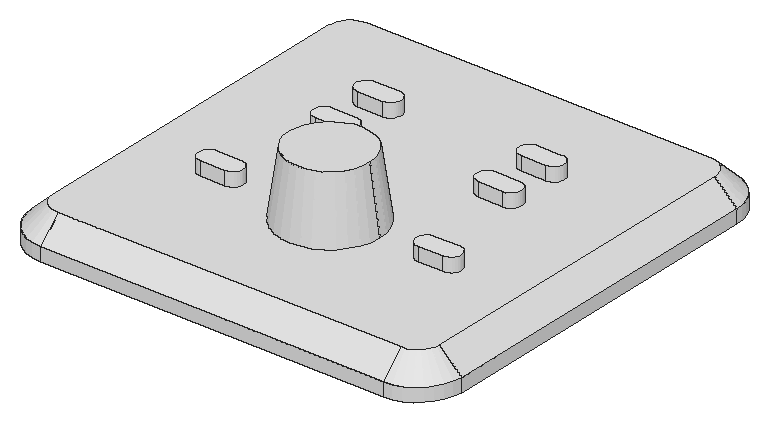
Revit family "CP8000 EU", category Communication Devices, Revit 2020
Family settings
  Maintain Annotation Orientation = No
  Round Connector Dimension = Use Diameter
  Part Type = Normal
  Work Plane-Based = Yes
  Always vertical = No
  Cut with Voids When Loaded = Yes
  Shared = No
  Room Calculation Point = No
Parameters
  Model = "CP8000EU"
  Manufacturer = "Klark Teknik"
  Default Elevation = 0 mm
Reference planes
  plane 1 "Center (Front/Back)": y = 0
  plane 2: z = 0
  plane 3 "Center (Left/Right)": x = 0
  plane 4 "Panel Face": z = 6.5
Forms (mm)
  Extrusion 1, solid, material "ABS - White"
    sketch origin (0, -56.921, 0) x (1, 0, 0) y (0, 1, 0)
      loop
        arc (-32, 96.923) -> (-37.657, 94.58) -> (-40, 88.923) r 8
        line (-40, 88.923) -> (-40, 24.923)
        arc (-40, 24.923) -> (-37.657, 19.266) -> (-32, 16.923) r 8
        line (-32, 16.923) -> (31.96, 16.923)
        arc (31.96, 16.923) -> (37.617, 19.266) -> (39.96, 24.923) r 8
        line (39.96, 24.923) -> (39.96, 88.923)
        arc (39.96, 88.923) -> (37.617, 94.58) -> (31.96, 96.923) r 8
        line (31.96, 96.923) -> (-32, 96.923)
    from 0 to 2.5
  Blend 2, solid, material "ABS - White"
    base sketch origin (0, -56.921, 0) x (1, 0, 0) y (0, 1, 0)
      loop
        arc (-32, 96.923) -> (-37.657, 94.58) -> (-40, 88.923) r 8
        line (-40, 88.923) -> (-40, 24.923)
        arc (-40, 24.923) -> (-37.657, 19.266) -> (-32, 16.923) r 8
        line (-32, 16.923) -> (31.96, 16.923)
        arc (31.96, 16.923) -> (37.617, 19.266) -> (39.96, 24.923) r 8
        line (39.96, 24.923) -> (39.96, 88.923)
        arc (39.96, 88.923) -> (37.617, 94.58) -> (31.96, 96.923) r 8
        line (31.96, 96.923) -> (-32, 96.923)
    top sketch origin (0, -56.921, 0) x (1, 0, 0) y (0, 1, 0)
      loop
        arc (-31.958, 92.88) -> (-34.787, 91.708) -> (-35.958, 88.88) r 4
        line (-35.958, 88.88) -> (-35.958, 24.962)
        arc (-35.958, 24.962) -> (-34.787, 22.133) -> (-31.958, 20.962) r 4
        line (-31.958, 20.962) -> (31.957, 20.962)
        arc (31.957, 20.962) -> (34.786, 22.133) -> (35.957, 24.962) r 4
        line (35.957, 24.962) -> (35.957, 88.88)
        arc (35.957, 88.88) -> (34.786, 91.708) -> (31.957, 92.88) r 4
        line (31.957, 92.88) -> (-31.958, 92.88)
    from 2.5 to 6.5
  Extrusion 3, solid, material "LED, White (Off)"
    sketch origin (-5.09, -41.459, 6.5) x (0, -1, 0) y (1, 0, 0)
      loop
        arc (-30.701, -17.469) -> (-28.777, -19.392) -> (-26.854, -17.469) r 1.923
        line (-26.854, -17.469) -> (-26.854, -12.948)
        arc (-26.854, -12.948) -> (-28.777, -11.025) -> (-30.701, -12.948) r 1.923
        line (-30.701, -12.948) -> (-30.701, -17.469)
    from 0 to 2.5
  Extrusion 4, solid, material "LED, White (Off)"
    sketch origin (0, -11.126, 6.5) x (0, -1, 0) y (1, 0, 0)
      loop
        arc (-30.701, -17.469) -> (-28.777, -19.392) -> (-26.854, -17.469) r 1.923
        line (-26.854, -17.469) -> (-26.854, -12.948)
        arc (-26.854, -12.948) -> (-28.777, -11.025) -> (-30.701, -12.948) r 1.923
        line (-30.701, -12.948) -> (-30.701, -17.469)
    from 0 to 2.5
  Extrusion 5, solid, material "LED, White (Off)"
    sketch origin (0, -21.057, 6.5) x (0, -1, 0) y (1, 0, 0)
      loop
        arc (-30.701, -17.469) -> (-28.777, -19.392) -> (-26.854, -17.469) r 1.923
        line (-26.854, -17.469) -> (-26.854, -12.948)
        arc (-26.854, -12.948) -> (-28.777, -11.025) -> (-30.701, -12.948) r 1.923
        line (-30.701, -12.948) -> (-30.701, -17.469)
    from 0 to 2.5
  Blend 6, solid, material "ABS - White"
    base sketch origin (-10.167, 10.402, 6.5) x (0, -1, 0) y (1, 0, 0)
      loop
        circle (23.1, 10.164) r 9.251
    top sketch origin (-10.167, 10.402, 6.5) x (0, -1, 0) y (1, 0, 0)
      loop
        circle (23.1, 10.164) r 7.453
    from 0 to 12
  Extrusion 7, solid, material "LED, White (Off)"
    sketch origin (5.09, -41.459, 6.5) x (0, -1, 0) y (1, 0, 0)
      loop
        line (-30.701, 17.469) -> (-30.701, 12.948)
        arc (-30.701, 12.948) -> (-28.777, 11.025) -> (-26.854, 12.948) r 1.923
        line (-26.854, 12.948) -> (-26.854, 17.469)
        arc (-26.854, 17.469) -> (-28.777, 19.392) -> (-30.701, 17.469) r 1.923
    from 0 to 2.5
  Extrusion 8, solid, material "LED, White (Off)"
    sketch origin (0, -11.126, 6.5) x (0, -1, 0) y (1, 0, 0)
      loop
        line (-30.701, 17.469) -> (-30.701, 12.948)
        arc (-30.701, 12.948) -> (-28.777, 11.025) -> (-26.854, 12.948) r 1.923
        line (-26.854, 12.948) -> (-26.854, 17.469)
        arc (-26.854, 17.469) -> (-28.777, 19.392) -> (-30.701, 17.469) r 1.923
    from 0 to 2.5
  Extrusion 9, solid, material "LED, White (Off)"
    sketch origin (0, -21.057, 6.5) x (0, -1, 0) y (1, 0, 0)
      loop
        line (-30.701, 17.469) -> (-30.701, 12.948)
        arc (-30.701, 12.948) -> (-28.777, 11.025) -> (-26.854, 12.948) r 1.923
        line (-26.854, 12.948) -> (-26.854, 17.469)
        arc (-26.854, 17.469) -> (-28.777, 19.392) -> (-30.701, 17.469) r 1.923
    from 0 to 2.5
Lines and regions (mm)
  model lines
    curve 1: line (-22.444, -9.554, 6.5) -> (-18.121, -9.554, 6.5)
    curve 2: arc (-18.121, -9.554, 6.5) -> (-15.003, -12.672, 6.5) -> (-18.121, -15.79, 6.5) r 3.118
    curve 3: line (-18.121, -15.79, 6.5) -> (-22.444, -15.79, 6.5)
    curve 4: arc (-22.444, -15.79, 6.5) -> (-25.562, -12.672, 6.5) -> (-22.444, -9.554, 6.5) r 3.118
    curve 5: line (-17.353, 20.778, 6.5) -> (-13.031, 20.778, 6.5)
    curve 6: arc (-13.031, 20.778, 6.5) -> (-9.912, 17.66, 6.5) -> (-13.031, 14.542, 6.5) r 3.118
    curve 7: line (-13.031, 14.542, 6.5) -> (-17.353, 14.542, 6.5)
    curve 8: arc (-17.353, 14.542, 6.5) -> (-20.472, 17.66, 6.5) -> (-17.353, 20.778, 6.5) r 3.118
    curve 9: line (-17.353, 10.848, 6.5) -> (-13.031, 10.848, 6.5)
    curve 10: arc (-13.031, 10.848, 6.5) -> (-9.912, 7.73, 6.5) -> (-13.031, 4.612, 6.5) r 3.118
    curve 11: line (-13.031, 4.612, 6.5) -> (-17.353, 4.612, 6.5)
    curve 12: arc (-17.353, 4.612, 6.5) -> (-20.472, 7.73, 6.5) -> (-17.353, 10.848, 6.5) r 3.118
    curve 13: line (-23.784, 25.011, 6.5) -> (23.937, 25.011, 6.5)
    curve 14: arc (23.937, 25.011, 6.5) -> (27.273, 23.701, 6.5) -> (28.826, 20.47, 6.5) r 4.902
    curve 15: line (28.826, 20.47, 6.5) -> (28.826, 4.795, 6.5)
    curve 16: arc (28.826, 4.795, 6.5) -> (27.362, 1.503, 6.5) -> (23.937, 0.385, 6.5) r 4.434
    curve 17: line (23.937, 0.385, 6.5) -> (-24.247, 0.385, 6.5)
    curve 18: arc (-24.247, 0.385, 6.5) -> (-27.487, 1.791, 6.5) -> (-28.673, 5.119, 6.5) r 4.436
    curve 19: line (-28.673, 5.119, 6.5) -> (-28.673, 20.47, 6.5)
    curve 20: arc (-23.784, 25.011, 6.5) -> (-27.12, 23.701, 6.5) -> (-28.673, 20.47, 6.5) r 4.902
    curve 21: circle (-0.003, -12.698, 6.5) r 10.2 normal (0, 0, 1)
    curve 22: line (22.444, -9.554, 6.5) -> (18.121, -9.554, 6.5)
    curve 23: arc (18.121, -9.554, 6.5) -> (15.003, -12.672, 6.5) -> (18.121, -15.79, 6.5) r 3.118
    curve 24: line (18.121, -15.79, 6.5) -> (22.444, -15.79, 6.5)
    curve 25: arc (22.444, -15.79, 6.5) -> (25.562, -12.672, 6.5) -> (22.444, -9.554, 6.5) r 3.118
    curve 26: line (17.353, 20.778, 6.5) -> (13.031, 20.778, 6.5)
    curve 27: arc (13.031, 20.778, 6.5) -> (9.912, 17.66, 6.5) -> (13.031, 14.542, 6.5) r 3.118
    curve 28: line (13.031, 14.542, 6.5) -> (17.353, 14.542, 6.5)
    curve 29: arc (17.353, 14.542, 6.5) -> (20.472, 17.66, 6.5) -> (17.353, 20.778, 6.5) r 3.118
    curve 30: line (17.353, 10.848, 6.5) -> (13.031, 10.848, 6.5)
    curve 31: arc (13.031, 10.848, 6.5) -> (9.912, 7.73, 6.5) -> (13.031, 4.612, 6.5) r 3.118
    curve 32: line (13.031, 4.612, 6.5) -> (17.353, 4.612, 6.5)
    curve 33: arc (17.353, 4.612, 6.5) -> (20.472, 7.73, 6.5) -> (17.353, 10.848, 6.5) r 3.118
Dimensions and locks
  aligned and locked: level to plane 2
Connectors
  electrical at (-0.02, 0.002, 0)
    settings: on Extrusion 1, index 1, voltage 0 V, apparent load 0 VA, apparent load phase1 0 VA, apparent load phase2 0 VA, apparent load phase3 0 VA, power factor 1, load classification "Other", number of poles 1, system type 13, power factor state 1, is connector primary yes, connector utility no, sub classification motor no, connector description "Control - 5 pin"
